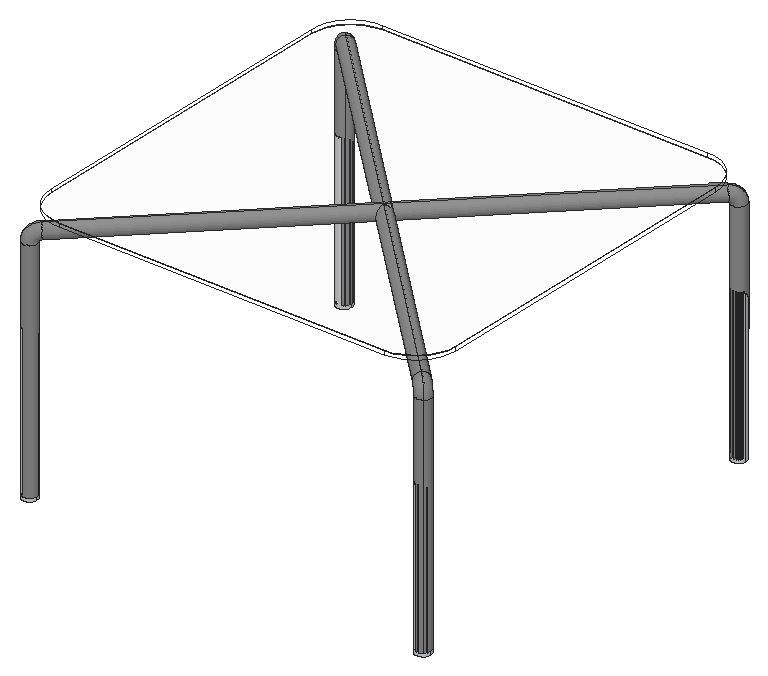
Revit family "Dropp", category Мебель, Revit 2017
Family settings
  Номер OmniClass = 23.40.20.00
  Заголовок OmniClass = General Furniture and Specialties
  На основе рабочей плоскости = Нет
  Всегда вертикально = Да
  При загрузке вырезать с полостями = Нет
  Общий = Нет
  Точка расчета площади = Нет
Parameters (values of type "LB-610 - Glas")
  URL = "http://file-system.ru/catalog/zdaniya_i_sooruzheniya/interer/mebel/_dropp_lb_611_skandiform_stol/"
  Комментарии к типоразмеру = "Created by Astacus AB"
  Disc = LB-610-glass : LB-610-glass
  Группа модели = "LB-610 - Glas"
  Изготовитель = "Skandiform"
  Ключевая пометка = "XBE.1"
  Описание = "Table top inbirch, white laminate or 6 mm screened glass, chassis inchromium or silver lacquered metal."
  Leg = LB-610-leg : LB-610-leg
Types (5, lengths in mm): name | URL | Disc | Группа модели | Изготовитель | Leg
  (no name) | "http://file-system.ru/catalog/zdaniya_i_sooruzheniya/interer/mebel/_dropp_lb_611_skandiform_stol/" | LB-610-glass : LB-610-glass | "LB-610 - Glas" | "Skandiform" | LB-610-leg : LB-610-leg
  LB-611 - Glas | "http://www.biminfo.se/?productid=333195" | LB-611-glass : LB-611-glass | "LB-611 - Glas" | "Skandiform AB" | LB-611-leg : LB-611-leg
  LB-611 - Wood | "http://www.biminfo.se/?productid=333195" | LB-611-leg : LB-611-leg | "LB-611 - Trä" | "Skandiform AB" | LB-611-tree : LB-611-tree
  LB-610 - Wood | "http://www.biminfo.se/?productid=333195" | LB-610-tree : LB-610-tree | "LB-610 - Trä" | "Skandiform AB" | LB-610-leg : LB-610-leg
  LB-610 - Glas | "http://file-system.ru/catalog/zdaniya_i_sooruzheniya/interer/mebel/_dropp_lb_611_skandiform_stol/" | LB-610-glass : LB-610-glass | "LB-610 - Glas" | "Skandiform" | LB-610-leg : LB-610-leg
Reference planes
  plane 1 "Center (Front/Back)": y = 0
  plane 2: z = 0
  plane 3 "Center (Left/Right)": x = 0
Dimensions and locks
  aligned and locked: level to plane 2
Nested families
  nested 1: "LB-610-glass" at (0, 0, 0), type <- "Disc", type "LB-610-glass"
  nested 2: "LB-610-leg" at (0, 0, 0), type <- "Leg", type "LB-610-leg"
Definition of nested family "LB-610-glass"
  Parameters
    Model = ""
    Manufacturer = "Skandiform"
    Leg = none
    Assembly Code = ""
  Reference planes
    plane 1 "Center (Front/Back)": y = 0
    plane 2: z = 0
    plane 3 "Center (Left/Right)": x = 0
  Forms (mm)
    Extrusion 1, solid
      sketch origin (0, 0, 0) x (1, 0, 0) y (0, 1, 0)
        loop
          arc (-330.001, -264.999) -> (-310.963, -310.962) -> (-265, -330) r 65.001
          line (-265, -330) -> (265, -330)
          arc (265, -330) -> (310.963, -310.962) -> (330.001, -264.999) r 65.001
          line (330.001, -264.999) -> (330.001, 264.999)
          arc (330.001, 264.999) -> (310.963, 310.962) -> (265, 330) r 65.001
          line (265, 330) -> (-265, 330)
          arc (-265, 330) -> (-310.963, 310.962) -> (-330.001, 264.999) r 65.001
          line (-330.001, 264.999) -> (-330.001, -264.999)
      from 417.556 to 424.397
  Lines and regions (mm)
    Masking region 1
      outline origin (0, 0, 0) x (1, 0, 0) y (0, 1, 0)
        loop
          line (265, 330) -> (-265, 330)
          arc (-265, 330) -> (-310.963, 310.962) -> (-330.001, 264.999) r 65.001
          line (-330.001, 264.999) -> (-330.001, -264.999)
          arc (-330.001, -264.999) -> (-310.963, -310.962) -> (-265, -330) r 65.001
          line (-265, -330) -> (265, -330)
          arc (265, -330) -> (310.963, -310.962) -> (330.001, -264.999) r 65.001
          line (330.001, -264.999) -> (330.001, 264.999)
          arc (330.001, 264.999) -> (310.963, 310.962) -> (265, 330) r 65.001
    model lines, not visible
      curve 1: line (-337.259, 363.771, 0) -> (322.741, 363.771, 0)
      curve 2: line (-337.259, -296.229, 0) -> (-337.259, 363.771, 0)
      curve 3: line (322.741, -296.229, 0) -> (-337.259, -296.229, 0)
      curve 4: line (322.741, 363.771, 0) -> (322.741, -296.229, 0)
  Dimensions and locks
    aligned and locked: level to plane 2
Definition of nested family "LB-610-leg"
  Parameters
    Model = ""
    Manufacturer = "Skandiform"
    Leg = none
    Assembly Code = ""
  Reference planes
    plane 1 "Center (Front/Back)": y = 0
    plane 2: z = 0
    plane 3 "Center (Left/Right)": x = 0
  Forms (mm)
    Sweep 1, solid, material <- "Leg"
      path origin (0, 0, 0) x (0.707107, -0.707107, 0) y (0, 0, 1)
        loop
          line (-465, 5.251) -> (-465, 375.251)
          arc (-465, 375.251) -> (-457.751, 392.751) -> (-440.251, 400) r 24.749
          line (-440.251, 400) -> (440.251, 400)
          arc (440.251, 400) -> (457.751, 392.751) -> (465, 375.251) r 24.749
          line (465, 375.251) -> (465, 5.251)
      profile origin (-328.805, 328.805, 190.251) x (-0.707107, 0.707107, 0) y (-0.707107, -0.707107, 0)
        loop
          circle (-10, 0) r 12
    Sweep 2, solid, material <- "Leg"
      path origin (0.138, 1.138, 0) x (0.707107, 0.707107, 0) y (0, 0, 1)
        loop
          line (-465, 5.251) -> (-465, 375.251)
          arc (-465, 375.251) -> (-457.751, 392.751) -> (-440.251, 400) r 24.749
          line (-440.251, 400) -> (440.251, 400)
          arc (440.251, 400) -> (457.751, 392.751) -> (465, 375.251) r 24.749
          line (465, 375.251) -> (465, 5.251)
      profile origin (-328.667, -327.667, 190.251) x (-0.707107, -0.707107, 0) y (0.707107, -0.707107, 0)
        loop
          circle (-10, 0) r 12
    Extrusion 3, solid
      sketch origin (0, 0, 0) x (1, 0, 0) y (0, 1, 0)
        loop
          circle (-321.826, 321.69) r 12
        loop
          circle (-321.702, -320.563) r 12
        loop
          circle (321.826, 322.823) r 12
        loop
          circle (321.522, -321.703) r 12
      from 0 to 250
  Lines and regions (mm)
    model lines, not visible
      curve 1: line (-337.259, 363.771, 0) -> (322.741, 363.771, 0)
      curve 2: line (-337.259, -296.229, 0) -> (-337.259, 363.771, 0)
      curve 3: line (322.741, -296.229, 0) -> (-337.259, -296.229, 0)
      curve 4: line (322.741, 363.771, 0) -> (322.741, -296.229, 0)
  Dimensions and locks
    aligned and locked: level to plane 2
